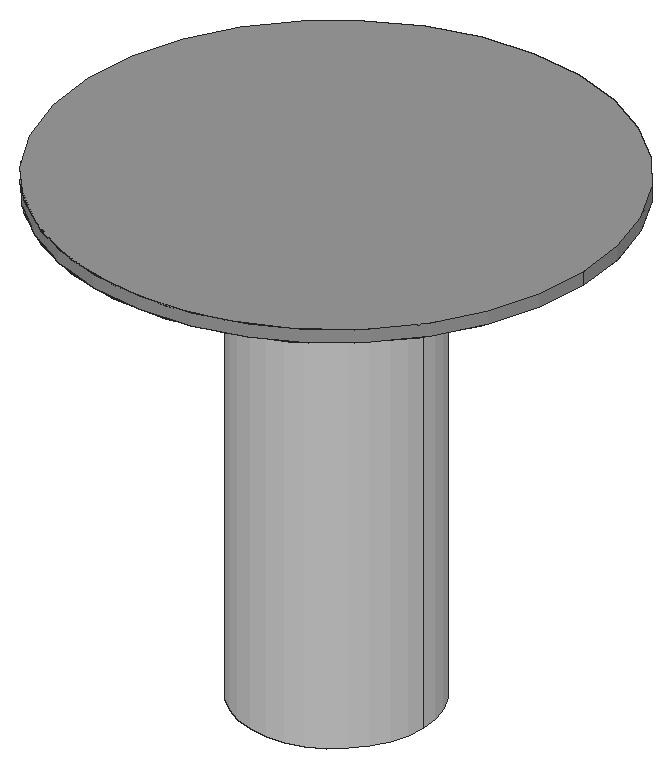
Revit family "Haworth_Cappellini_Mush_SideTable_AP_PRELIMINARY", category Furniture, Revit 2018
Family settings
  OmniClass Number = 23.40.20.00
  OmniClass Title = General Furniture and Specialties
  Work Plane-Based = No
  Always vertical = Yes
  Cut with Voids When Loaded = No
  Shared = No
  Room Calculation Point = No
Parameters (values of type "MU_2R")
  Warranty = "http://www.haworth.com/resources/product-info/warranties"
  Version = "1"  # constant formula
  Under Surface = yes
  URL - Product = "https://www.haworth.com/na/en/products/side-occasional/mush.html"
  URL = "https://www.haworth.com/ap/en.html"
  Thickness = (if(Under Surface, 12 mm, 4 mm))  # 12 mm
  Table Finish [instance] = Haworth _ Wood _ Undecided _ Tables
  Table Edge Finish [instance] = Haworth _ Wood _ Undecided _ Tables
  Standard Height = "310, 320, 460, 470mm"  # constant formula
  Size = "Verify Final Dim. w/ Haworth"  # constant formula
  Model = "MU_XX"  # constant formula
  Min. Height = 310 mm  # constant formula
  Max. Height = 470 mm  # constant formula
  Manufacturer = "Haworth"  # constant formula
  Height = 470 mm
  Description = "Haworth - Cappellini - Mush - Side Table"  # constant formula
  Base Finish = Haworth _ Paint _ Undecided _ Table
  Author = "Haworth (Abd Rahman)"  # constant formula
  Assembly Code = "E2020200"
  Actual Width = 500 mm  # constant formula
  Actual Height = if(Height > Max. Height, Max. Height, if(Height < Min. Height, Min. Height, Height))  # 470 mm
  Actual Diameter = 250 mm  # constant formula
  Actual Depth = Actual Width  # 500 mm
Types (5, lengths in mm): name | Under Surface | Thickness | Height | Actual Height
  (no name) | yes | 12 | 470 | 470
  MU_2M | no | 4 | 460 | 460
  MU_2R | yes | 12 | 470 | 470
  MU_1R | yes | 12 | 320 | 320
  MU_1M | no | 4 | 310 | 310
Reference planes
  plane 1: z = 0
  plane 2 "Center Left/Right": x = -5.977
  plane 3 "Table top": z = 470
  plane 4: y = 281.75
  plane 5: y = -218.25
  plane 6: y = 31.75
  plane 7: z = 458
  plane 8: x = -255.977
  plane 9: x = 244.023
  plane 10: z = 447
Forms (mm)
  Extrusion 1, solid, material "Haworth _ Wood _ Undecided _ Tables" <- "Table Finish"
    sketch origin (0, 0, 0) x (1, 0, 0) y (0, 1, 0)
      loop
        circle (-5.977, 31.75) r 250
    from 458 to 470
  Extrusion 2, solid, material "Haworth _ Paint _ Undecided _ Table" <- "Base Finish"
    sketch origin (0, 0, 0) x (1, 0, 0) y (0, 1, 0)
      loop
        circle (-5.977, 31.75) r 88.5
    from 0 to 458
  Blend 3, solid, material "Haworth _ Wood _ Undecided _ Tables" <- "Table Finish", visible <- "Under Surface"
    base sketch origin (0, 0, 0) x (1, 0, 0) y (0, 1, 0)
      loop
        circle (-5.977, 31.75) r 221.5
    top sketch origin (0, 0, 0) x (1, 0, 0) y (0, 1, 0)
      loop
        circle (-5.977, 31.75) r 250
    from 447 to 458
Lines and regions (mm)
  Masking region 1
    outline origin (0, 0, 0) x (1, 0, 0) y (0, 1, 0)
      loop
        circle (-5.977, 31.75) r 250
Dimensions and locks
  "Actual Height": plane 3 "Table top" to plane 1
  plane 3 "Table top" to level = 470 mm
  "Actual Width": plane 8 to plane 9
  "Actual Depth": plane 5 to plane 4
  equal spacing: plane 5, plane 6, plane 4
  equal spacing: plane 8, plane 2 "Center Left/Right", plane 9
  "Thickness": plane 3 "Table top" to plane 7
  locked: plane 7 to plane 10 at 11
  "Actual Diameter": radius of Extrusion 1 sketch curve
  "Actual Diameter": radius of Masking region 1 sketch curve
  aligned and locked: level to plane 1
  aligned and locked: plane 3 "Table top" to Extrusion 1
  aligned and locked: Extrusion 1 to plane 7
  aligned and locked: plane 7 to Extrusion 2
  aligned and locked: Extrusion 2 to level
  aligned and locked: plane 7 to Blend 3
  aligned and locked: Blend 3 to plane 10
  aligned and locked: plane 2 "Center Left/Right" to Masking region 1 sketch curve
  aligned and locked: plane 6 to Masking region 1 sketch curve
  aligned and locked: plane 2 "Center Left/Right" to Extrusion 1 sketch curve
  aligned and locked: plane 6 to Extrusion 1 sketch curve
  aligned and locked: plane 2 "Center Left/Right" to Extrusion 2 sketch curve
  aligned and locked: plane 6 to Extrusion 2 sketch curve
  aligned and locked: plane 2 "Center Left/Right" to Blend 3 sketch curve  (x2)
  aligned and locked: plane 6 to Blend 3 sketch curve  (x2)
Automatic sketch dimensions
  radius of Extrusion 2 sketch curve = 88.5 mm
  radius of Blend 3 sketch curve = 221.5 mm
  radius of Blend 3 sketch curve = 250 mm
